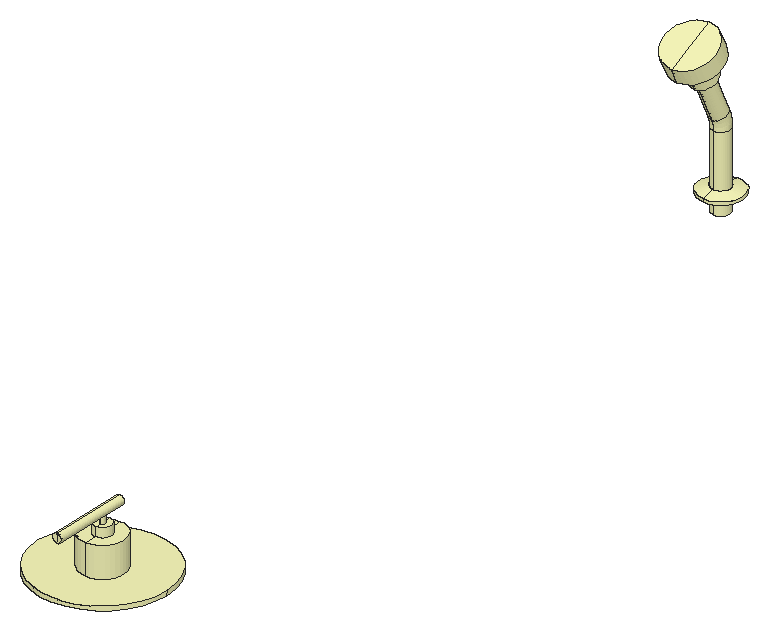
Revit family "Shower_System-Symmons-Dia-Shower-Trim", category Plumbing Fixtures, host Face, Revit 2015
Parameters (values of type "2.5 GPM Flow Restrictor, Rebuild Kit, Satin Nickel")
  z Wide Lever [instance] = if(z Has Wide Lever Handle, 1, 0)  # 0
  z Visibility [instance] = if(z Error, 1 = 0, 1 = 1)  # yes
  z Valve = Shower_System_Valve-Symmons-Dia-Shower-Trim : Rebuild Kit, Satin Nickel
  z Type Model [instance] = if(and(z Has Volume Control, z Has Trim), 5, if(and(z Has Volume Control, or(z Type = 1, z Type = 2)), 6, if(z Has Trim, 2, if(or(z Type = 1, z Type = 2), 3, if(z Has Volume Control, 4, 1)))))  # 3
  z Type Kit = 1
  z Type GPM = 2.5  # constant formula
  z Type Finish = if(or(z Type = 1, z Type = 3), 1, 2)  # 2
  z Type = 2
  z Slip On Tub [instance] = if(z Has Slip On Tub Spout, 1, 0)  # 0
  z Showerhead = Showerhead-Symmons-Dia_Single_Mode : Satin Nickel
  z Reverse Core [instance] = if(z Has Reverse Core, 1, 0)  # 0
  z Pipe Radius [instance] = 0.250"  # constant formula
  z Overall Width [instance] = 7.500"  # constant formula
  z Overall Height [instance] = 57.000"  # constant formula
  z Overall Depth [instance] = 9.325"  # constant formula
  z Offset [instance] = 0.000"  # constant formula
  z Integral Service Stops [instance] = if(z Has Integral Service Stops, 1, 0)  # 0
  z Has Wide Lever Handle [instance] = 1 = 0  # no
  z Has Volume Control [instance] = 1 = 0  # no
  z Has Trim = if(z Type Kit = 2, 1 = 1, 1 = 0)  # no
  z Has Slip On Tub Spout [instance] = 1 = 0  # no
  z Has Showerhead [instance] = 1 = 1  # yes
  z Has Reverse Core [instance] = 1 = 0  # no
  z Has Rebuild Kit Trim Only = if(z Type Kit = 1, 1 = 1, 1 = 0)  # yes
  z Has Integral Service Stops [instance] = z Has Reverse Core  # no
  z Has Check Stops [instance] = 1 = 0  # no
  z Has 2.0 GPM Flow Restrictor [instance] = 1 = 0  # no
  z Has 1.5 GPM Flow Restrictor [instance] = 1 = 0  # no
  z Has .5 Inch Female Connections [instance] = 1 = 0  # no
  z GPM Number = 2.5  # constant formula
  z GPM GPM = 1.000 GPM
  z Flow Rate [instance] = if(z Has 2.0 GPM Flow Restrictor, 2, if(z Has 1.5 GPM Flow Restrictor, 1, 0))  # 0
  z Error Box Width [instance] = if(z Error, z Overall Width + 5.000", 0.100")  # 0.100"
  z Error Box Height [instance] = if(z Error, z Overall Height + 5.000", 0.100") / 2  # 0.050"
  z Error Box Depth [instance] = if(z Error, z Overall Depth + 5.000", 0.100")  # 0.100"
  z Error = if(and(z Has Rebuild Kit Trim Only, z Has Trim), 1 = 1, 1 = 0)  # no
  z .5 Inch Female Connections [instance] = if(z Has .5 Inch Female Connections, 1, 0)  # 0
  z  Showerhead [instance] = if(z Has Showerhead, 1, 0)  # 1
  URL = "http://www.symmons.com/"
  Product data url = "https://bimobject.com/symmonsindustries/product/symmons-3501-cyl-b"
  Product Page URL = "http://www.symmons.com/Bathroom-Products/Dia/Symmons-Dia-Shower-System-3501-CYL-B.aspx"
  Product Material = Nickel - Symmons - Satin
  Product Documentation Link = "http://www.symmons.com/~/media/Files/Symmons/Products/Dia/3501CYLB_Dia_sub.pdf"
  Part Number [instance] = if(z Error, "Error: Rebuild Kit Already Comes With Trim", if(and(z Type = 1, z Has Rebuild Kit Trim Only), "3501-CYL-B-REB-TRM", if(and(z Type = 2, z Has Rebuild Kit Trim Only), "3501-CYL-B-STN-REB-TRM", if(and(z Type = 1, z Has Trim), "3501-CYL-B-TRM", if(and(z Type = 2, z Has Trim), "3501-CYL-B-STN-TRM", if(z Type = 1, "3501-CYL-B", if(z Type = 2, "3501-CYL-B-STN", "\r\n Not Available")))))))  # "3501-CYL-B-STN-REB-TRM"
  Part Description [instance] = if(z Error, "Error: Rebuild Kit Already Comes With Trim", if(and(z Type = 1, z Has Rebuild Kit Trim Only), "Shower Rebuild/Trim, Chrome", if(and(z Type = 2, z Has Rebuild Kit Trim Only), "Shower Rebuild/Trim, Satin Nickel", if(and(z Type = 1, z Has Trim), "Trim only, mixing valve ordered separately, Chrome", if(and(z Type = 2, z Has Trim), "Trim only, mixing valve ordered separately, Satin Nickel", if(z Type = 1, "Shower System with Symmons Temptrol mixing valve, Chrome", if(z Type = 2, "Shower System with Symmons Temptrol mixing valve, Satin Nickel", "Not Available")))))))  # "Shower Rebuild/Trim, Satin Nickel"
  Model Disclaimer = "Contact Symmons Industries, Inc. For More Information"  # constant formula
  Model = if(z Error, "Error: Rebuild Kit Already Comes With Trim", if(and(z Type = 1, z Has Rebuild Kit Trim Only), "3501-CYL-B-REB-TRM", if(and(z Type = 2, z Has Rebuild Kit Trim Only), "3501-CYL-B-STN-REB-TRM", if(and(z Type = 1, z Has Trim), "3501-CYL-B-TRM", if(and(z Type = 2, z Has Trim), "3501-CYL-B-STN-TRM", if(z Type = 1, "3501-CYL-B", if(z Type = 2, "3501-CYL-B-STN", "\r\n Not Available")))))))  # "3501-CYL-B-STN-REB-TRM"
  Manufacturer = "Symmons Industries, Inc."  # constant formula
  Gallons Per Minute = z GPM GPM * z GPM Number  # 2.500 GPM
  Family Version = "1.0"  # constant formula
  Equipment Number [instance] = ""
  Equipment Abbreviation = "SSV"
  Description = if(z Error, "Error: Rebuild Kit Already Comes With Trim", if(and(z Type = 1, z Has Rebuild Kit Trim Only), "Shower Rebuild/Trim, Chrome", if(and(z Type = 2, z Has Rebuild Kit Trim Only), "Shower Rebuild/Trim, Satin Nickel", if(and(z Type = 1, z Has Trim), "Trim only, mixing valve ordered separately, Chrome", if(and(z Type = 2, z Has Trim), "Trim only, mixing valve ordered separately, Satin Nickel", if(z Type = 1, "Shower System with Symmons Temptrol mixing valve, Chrome", if(z Type = 2, "Shower System with Symmons Temptrol mixing valve, Satin Nickel", "Not Available")))))))  # "Shower Rebuild/Trim, Satin Nickel"
  Default Elevation = 32.000"  # constant formula
  Date Modified = "January 30, 2015"  # constant formula
  Date Created = "January 30, 2015"  # constant formula
  Copyright = "©2015 Symmons Industries, Inc."  # constant formula
Types (4): name | z Valve | z Type Model | z Type Kit | z Type Finish | z Type | z Showerhead | z Has Trim | z Has Rebuild Kit Trim Only | Product Material | Part Number | Part Description | Model | Equipment Abbreviation | Description
  2.5 GPM Flow Restrictor, Trim, Chrome | Shower_System_Valve-Symmons-Dia-Shower-Trim : Trim, Chrome | 2 | 2 | 1 | 1 | Showerhead-Symmons-Dia_Single_Mode : Chrome | yes | no | Chrome - Symmons - Polished | "3501-CYL-B-TRM" | "Trim only, mixing valve ordered separately, Chrome" | "3501-CYL-B-TRM" | "TSS" | "Trim only, mixing valve ordered separately, Chrome"
  2.5 GPM Flow Restrictor, Trim, Satin Nickel | Shower_System_Valve-Symmons-Dia-Shower-Trim : Trim, Satin Nickel | 2 | 2 | 2 | 2 | Showerhead-Symmons-Dia_Single_Mode : Satin Nickel | yes | no | Nickel - Symmons - Satin | "3501-CYL-B-STN-TRM" | "Trim only, mixing valve ordered separately, Satin Nickel" | "3501-CYL-B-STN-TRM" | "SSV" | "Trim only, mixing valve ordered separately, Satin Nickel"
  2.5 GPM Flow Restrictor, Rebuild Kit, Chrome | Shower_System_Valve-Symmons-Dia-Shower-Trim : Rebuild Kit, Chrome | 3 | 1 | 1 | 1 | Showerhead-Symmons-Dia_Single_Mode : Chrome | no | yes | Chrome - Symmons - Polished | "3501-CYL-B-REB-TRM" | "Shower Rebuild/Trim, Chrome" | "3501-CYL-B-REB-TRM" | "TSS" | "Shower Rebuild/Trim, Chrome"
  2.5 GPM Flow Restrictor, Rebuild Kit, Satin Nickel | Shower_System_Valve-Symmons-Dia-Shower-Trim : Rebuild Kit, Satin Nickel | 3 | 1 | 2 | 2 | Showerhead-Symmons-Dia_Single_Mode : Satin Nickel | no | yes | Nickel - Symmons - Satin | "3501-CYL-B-STN-REB-TRM" | "Shower Rebuild/Trim, Satin Nickel" | "3501-CYL-B-STN-REB-TRM" | "SSV" | "Shower Rebuild/Trim, Satin Nickel"
Reference planes (in)
  plane 1 "Center (Front/Back)": y = 0
  plane 2 "Center (Elevation)": z = 0
  plane 3 "Center (Left/Right)": x = 0
  plane 4: x = -3.75
  plane 5: y = 28.5
  plane 6: x = 3.75
  plane 7: z = 0
  plane 8: z = 9.325
  plane 9: y = -12
  plane 10: y = 45
  plane 11: z = 0.1
Dimensions and locks (in)
  equal spacing: plane 4, plane 3 "Center (Left/Right)", plane 6
  "z Overall Width": plane 4 to plane 6
  plane 5 to plane 1 "Center (Front/Back)" = 28.500"
  "z Offset": plane 7 to plane 2 "Center (Elevation)"
  "z Overall Depth": plane 8 to plane 7
  locked: plane 1 "Center (Front/Back)" to plane 9 at 12
  locked: plane 10 to plane 1 "Center (Front/Back)" at 45
  "z Error Box Depth": plane 11 to plane 7
  plane 10 to plane 9 = 57.000"
  aligned and locked: plane 2 "Center (Elevation)" to host face
  aligned and locked: level to host face
  aligned and locked: nested 1 to plane 10
  aligned and locked: plane 3 "Center (Left/Right)" to nested 1
  aligned and locked: plane 1 "Center (Front/Back)" to nested 2
  aligned and locked: plane 3 "Center (Left/Right)" to nested 2
Automatic sketch dimensions
  host sketch curve to host sketch curve = 7.500"
  host sketch curve to host sketch curve = 52.700"
Nested families (in)
  nested 1: "Showerhead-Symmons-Dia_Single_Mode" at (0, 45, 0), type <- "z Showerhead", type "Satin Nickel"
    with z Pipe Radius 0.500", z Overall Width 2.500", z Overall Height 2.500", z Overall Depth 7.500", z Offset 1.000", Part Number "352SH-2.0", Part Description "Single Mode Showerhead, 2.0 Flow Rate Restrictor, Chrome", Equipment Number ""
  nested 2: "Shower_System_Valve-Symmons-Dia-Shower-Trim" at (0, 0, 0), type <- "z Valve", type "Rebuild Kit, Satin Nickel"
    with zz Length 9 0.100", zz Length 10 0.100", Part Number "Not Available", Part Description "Not Available", Equipment Number "", zz Integer 12 2
Connectors (in)
  piping at (0, 45, -1), diameter 0.5, driven by "z Pipe Radius", driven by "Gallons Per Minute"
    settings: on nested 1, index 1, connector inside diameter 1/2", connector length 0.000", flow factor 0, pipe flow 2.500 GPM, pressure drop 0.00 psi, fitting loss kfactor 0, connector angle 0.000°, fixture units 0, engagement length 0.000", angle of deflection 0.000°, flow configuration 0, flow direction 1, fitting loss method 0, system type 29, joint type 0, gender type 0, connector reference index -1, connector utility 0, adjustable connector no, is connector primary yes, connector description "Showerhead Water Supply"
Definition of nested family "Showerhead-Symmons-Dia_Single_Mode"
  Parameters
    z Type GPM = 2
    z Type Flow Restrictor = 1
    z Type Finish = 1
    z Pipe Radius [instance] = 0.500"  # constant formula
    z Overall Width [instance] = 2.500"  # constant formula
    z Overall Height [instance] = 2.500"  # constant formula
    z Overall Depth [instance] = 7.500"  # constant formula
    z Offset [instance] = 1.000"  # constant formula
    z GPM Number = if(z Type GPM = 2, 2, if(z Type GPM = 2.5, 2.5, 0))  # 2
    z GPM GPM = 1.000 GPM
    URL = "http://www.symmons.com/"
    Product Page URL = "http://www.symmons.com/Bathroom-Products/Duro/Symmons-Duro-Showerhead-362SH.aspx"
    Product Material = none
    Product Documentation Link = ""
    Part Number [instance] = if(and(z Type Finish = 1, z Type Flow Restrictor = 1), "352SH-2.0", if(and(z Type Finish = 2, z Type Flow Restrictor = 1), "352SH-STN-2.0", if(and(z Type Finish = 3, z Type Flow Restrictor = 0), "352SH", if(and(z Type Finish = 4, z Type Flow Restrictor = 0), "352SH-STN", "Not Available"))))  # "352SH-2.0"
    Part Description [instance] = if(and(z Type Finish = 1, z Type Flow Restrictor = 1), "Single Mode Showerhead, 2.0 Flow Rate Restrictor, Chrome", if(and(z Type Finish = 2, z Type Flow Restrictor = 1), "Single Mode Showerhead, 2.0 Flow Rate Restrictor, Satin Nickel", if(and(z Type Finish = 3, z Type Flow Restrictor = 0), "Single Mode Showerhead, Chrome", if(and(z Type Finish = 4, z Type Flow Restrictor = 0), "Single Mode Showerhead, Satin Nickel", "Not Available"))))  # "Single Mode Showerhead, 2.0 Flow Rate Restrictor, Chrome"
    Model Disclaimer = "Contact Symmons Industries, Inc. For More Information"  # constant formula
    Model = "See Part Number"  # constant formula
    Manufacturer = "Symmons Industries, Inc."  # constant formula
    Gallons Per Minute = z GPM GPM * z GPM Number  # 2.000 GPM
    Family Version = "1.0"  # constant formula
    Equipment Number [instance] = ""
    Equipment Abbreviation = "SH"
    Description = "See Part Description"  # constant formula
    Default Elevation = 77.000"  # constant formula
    Date Modified = "January 30, 2015"  # constant formula
    Date Created = "January 30, 2015"  # constant formula
    Copyright = "©2015 Symmons Industries, Inc."  # constant formula
  Reference planes (in)
    plane 1 "Center (Front/Back)": y = 0
    plane 2 "Center (Elevation)": z = 0
    plane 3 "Center (Left/Right)": x = 0
    plane 4: x = -1.25
    plane 5: y = 1.25
    plane 6: y = -1.25
    plane 7: x = 1.25
    plane 8: z = -1
    plane 9: z = 6.5
    plane 10: z = 0
    plane 11: y = -0.5
    plane 12: z = 0.33234
    plane 13: z = 0.15
    plane 14: y = -0.5695
  Forms (in)
    Extrusion 1, solid
      sketch origin (0, 0, 0) x (1, 0, 0) y (0, 1, 0)
        loop
          line (-0.25, 0.25) -> (-0.25, -0.25) -> (0.25, -0.25) -> (0.25, 0.25) -> (-0.25, 0.25)
      from 0 to -0.07714
    Revolve 2, solid, material <- "Product Material"
      sketch origin (0, 0, 0) x (0, 1, 0) y (0, 0, 1)
        loop
          line (-0.5, -1) -> (0, -1) -> (0, 0.33234) -> (-0.5695, 0.33234) -> (-1.25, 0.15) -> (-1.25, 0) -> (-0.5, 0) -> (-0.5, -1)
        axis (0, -1) -> (0, 0.33234)
      angle from 0 to 360
    Sweep 3, solid, material <- "Product Material"
      path origin (0, 0, 0) x (0, 1, 0) y (0, 0, 1)
        loop
          line (0, 0.33234) -> (0, 3.38992)
          arc (0, 3.38992) -> (-0.04792, 3.8251) -> (-0.18938, 4.23943) r 2
          line (-0.18938, 4.23943) -> (-1.25, 6.5)
      profile origin (0, 0, 1.86113) x (0, -1, 0) y (1, 0, 0)
        loop
          circle (0, 0) r 0.5
    Revolve 4, solid, material <- "Product Material"
      sketch origin (0, 0, 0) x (0, 1, 0) y (0, 0, 1)
        loop
          line (-1.25, 6.5) -> (-2.22949, 8.58767) -> (-3.58746, 7.95053) -> (-3.17663, 7.07491) -> (-2.24755, 6.86042) -> (-1.92898, 6.18143) -> (-1.25, 6.5)
        axis (-1.25, 6.5) -> (-2.22949, 8.58767)
      angle from 0 to 360
  Cuts and joins
    joined: Revolve 2, Sweep 3
  Lines and regions (in)
    Masking region 1
      outline origin (0, 0, 0) x (1, 0, 0) y (0, 0, 1)
        loop
          line (-1.25, 0) -> (-0.5, 0) -> (-0.5, -1) -> (0.5, -1) -> (0.5, 0) -> (1.25, 0) -> (1.25, 0.14959) -> (0.5695, 0.33234) -> (0.5, 0.33234) -> (0.5, 6.26256)
          spline (0.5, 6.26256) -> (0.53792, 6.27801) -> (0.5732, 6.29456) -> (0.60567, 6.31211) -> (0.63516, 6.33059) -> (0.66153, 6.3499) -> (0.68465, 6.36995) -> (0.70441, 6.39063) -> (0.72072, 6.41185) -> (0.73348, 6.43351) -> (0.74264, 6.45549) -> (0.74816, 6.47769) -> (0.75, 6.5)
          line (0.75, 6.5) -> (0.75, 7.07479) -> (1.25, 7.36347) -> (1.49591, 7.60938) -> (1.49591, 8.60938)
          spline (1.49591, 8.60938) -> (1.44494, 8.76866) -> (1.2955, 8.91709) -> (1.05777, 9.04454) -> (0.74795, 9.14235) -> (0.38717, 9.20383) -> (0, 9.2248) -> (-0.38717, 9.20383) -> (-0.74795, 9.14235) -> (-1.05777, 9.04454) -> (-1.2955, 8.91709) -> (-1.44494, 8.76866) -> (-1.49591, 8.60938)
          line (-1.49591, 8.60938) -> (-1.49591, 7.60938) -> (-1.25, 7.36347) -> (-0.75, 7.07479) -> (-0.75, 6.5)
          spline (-0.75, 6.5) -> (-0.74816, 6.47769) -> (-0.74264, 6.45549) -> (-0.73348, 6.43351) -> (-0.72072, 6.41185) -> (-0.70441, 6.39063) -> (-0.68465, 6.36995) -> (-0.66153, 6.3499) -> (-0.63516, 6.33059) -> (-0.60567, 6.31211) -> (-0.5732, 6.29456) -> (-0.53792, 6.27801) -> (-0.5, 6.26256)
          line (-0.5, 6.26256) -> (-0.5, 0.33234) -> (-0.5695, 0.33234) -> (-1.25, 0.14959) -> (-1.25, 0)
    symbolic lines, detail levels fine
      curve 1: line (-0.5, 0, 0.33234) -> (0.5, 0, 0.33234)
      curve 2: line (-1.25, 0, 0.14959) -> (1.25, 0, 0.14959)
      curve 3: spline (-0.5, 0, 6.26256) -> (-0.67885, 0, 6.36457) -> (-0.74948, 0, 6.48818) -> (-0.70063, 0, 6.61367) -> (-0.54008, 0, 6.72104) -> (-0.29343, 0, 6.79317) -> (0, 0, 6.81857) -> (0.29343, 0, 6.79317) -> (0.54008, 0, 6.72104) -> (0.70063, 0, 6.61367) -> (0.74948, 0, 6.48818) -> (0.67885, 0, 6.36457) -> (0.5, 0, 6.26256)
      curve 4: spline (-1.49591, 1.25, 7.60938) -> (-1.44494, 1.25, 7.80085) -> (-1.2955, 1.25, 7.97927) -> (-1.05777, 1.25, 8.13249) -> (-0.74795, 1.25, 8.25006) -> (-0.38717, 1.25, 8.32397) -> (0, 1.25, 8.34917) -> (0.38717, 1.25, 8.32397) -> (0.74795, 1.25, 8.25006) -> (1.05777, 1.25, 8.13249) -> (1.2955, 1.25, 7.97927) -> (1.44494, 1.25, 7.80085) -> (1.49591, 1.25, 7.60938)
      curve 5: spline (-0.5, 1.25, 6.5) -> (-0.48296, 1.25, 6.55497) -> (-0.43301, 1.25, 6.60619) -> (-0.35355, 1.25, 6.65017) -> (-0.25, 1.25, 6.68392) -> (-0.12941, 1.25, 6.70514) -> (0, 1.25, 6.71238) -> (0.12941, 1.25, 6.70514) -> (0.25, 1.25, 6.68392) -> (0.35355, 1.25, 6.65017) -> (0.43301, 1.25, 6.60619) -> (0.48296, 1.25, 6.55497) -> (0.5, 1.25, 6.5)
      curve 6: line (-0.5, 1.25, 6.5) -> (-0.5, 1.25, 6.26256)
      curve 7: line (0.5, 1.25, 6.5) -> (0.5, 1.25, 6.26256)
  Dimensions and locks (in)
    equal spacing: plane 4, plane 3 "Center (Left/Right)", plane 7
    "z Overall Width": plane 4 to plane 7
    equal spacing: plane 5, plane 1 "Center (Front/Back)", plane 6
    "z Overall Height": plane 5 to plane 6
    "z Overall Depth": plane 9 to plane 8
    plane 12 to plane 13 to plane 10 to plane 8 = 0.18234" locked, 0.150" locked, 1.000" locked
    plane 6 to plane 14 to plane 11 = 0.6805" locked, 0.0695" locked
    plane 9 to Revolve 4 sketch curve to Revolve 4 sketch curve to Revolve 4 sketch curve to Revolve 4 sketch curve = 0.53094" locked, 0.750" locked, 0.58882" locked, 0.96721" locked
    "z Offset": plane 2 "Center (Elevation)" to plane 8
    Masking region 1 sketch curve to Masking region 1 sketch curve to Masking region 1 sketch curve to Masking region 1 sketch curve to Masking region 1 sketch curve to plane 3 "Center (Left/Right)" to Masking region 1 sketch curve to Masking region 1 sketch curve to Masking region 1 sketch curve to Masking region 1 sketch curve to Masking region 1 sketch curve = 0.74591" locked, 0.1805" locked, 0.0695" locked, 0.000" locked, 0.500" locked, 0.500" locked, 0.000" locked, 0.0695" locked, 0.1805" locked, 0.74591" locked
    Masking region 1 sketch curve to Masking region 1 sketch curve to plane 2 "Center (Elevation)" = 0.000" locked, 0.33234" locked
    plane 9 to Revolve 4 sketch curve to Revolve 4 sketch curve = 1.13164" locked, 0.750" locked
    locked: Revolve 4 sketch curve to Revolve 4 sketch curve at 1.5
    locked: curve 2 to plane 8 at 1.14959
    equal spacing: curve 1, plane 3 "Center (Left/Right)", curve 1
    locked: curve 1 to curve 1 at 1
    locked: curve 1 to plane 8 at 1.33234
    equal spacing: curve 3, plane 3 "Center (Left/Right)", curve 3
    locked: curve 3 to curve 3 at 1
    locked: curve 4 to plane 9 at 1.10938
    equal spacing: curve 4, plane 3 "Center (Left/Right)", curve 4
    locked: curve 4 to curve 4 at 2.99182
    curve 4 to curve 4 to plane 9 = 0.000" locked, 1.10938" locked
    Masking region 1 sketch curve to plane 9 to Masking region 1 sketch curve to Masking region 1 sketch curve to Masking region 1 sketch curve = 0.000" locked, 0.000" locked, 0.23744" locked, 0.000" locked
    plane 9 to curve 6 to curve 7 = 0.23744" locked, 0.000" locked
    aligned and locked: plane 2 "Center (Elevation)" to Extrusion 1
    aligned and locked: level to Extrusion 1
    aligned and locked: Revolve 2 sketch curve to plane 1 "Center (Front/Back)"  (x2)
    aligned and locked: plane 10 to Revolve 2 sketch curve
    aligned and locked: plane 6 to Revolve 2 sketch curve  (x2)
    aligned and locked: Revolve 2 sketch curve to plane 12
    aligned and locked: Revolve 2 sketch curve to plane 8
    aligned and locked: Revolve 2 sketch curve to plane 11
    aligned and locked: plane 13 to Revolve 2 sketch curve
    aligned and locked: Revolve 2 sketch curve to plane 14
    aligned and locked: plane 1 "Center (Front/Back)" to Sweep 3 sketch curve
    aligned and locked: plane 3 "Center (Left/Right)" to Sweep 3 sketch curve
    aligned and locked: Masking region 1 sketch curve to plane 8
    aligned and locked: Masking region 1 sketch curve to plane 2 "Center (Elevation)"  (x2)
    aligned and locked: plane 7 to curve 2
    aligned and locked: plane 4 to curve 2
    aligned and locked: plane 9 to Masking region 1 sketch curve  (x2)
    aligned and locked: plane 3 "Center (Left/Right)" to Masking region 1 sketch curve  (x2)
    aligned and locked: plane 9 to curve 5  (x2)
    aligned and locked: plane 3 "Center (Left/Right)" to curve 5
    aligned and locked: plane 9 to curve 6
  Automatic sketch dimensions
    Extrusion 1 sketch curve to Extrusion 1 sketch curve = 0.500"  (x2)
    Revolve 2 sketch curve to level = 24.000"
    plane 9 to Revolve 2 sketch curve = 79.77586"
    Sweep 3 sketch curve to plane 6 = 0.000"
    Sweep 3 sketch curve to plane 1 "Center (Front/Back)" = 0.000"
    Sweep 3 sketch curve to plane 9 = 0.000"
    Sweep 3 sketch curve to plane 6 = 0.750"
    plane 1 "Center (Front/Back)" to Sweep 3 sketch curve = 0.18938"
    Sweep 3 sketch curve to plane 9 = 2.26057"
    plane 8 to Sweep 3 sketch curve = 1.33234"
    Revolve 4 sketch curve to plane 6 = 0.000"
    Revolve 4 sketch curve to plane 9 = 0.000"  (x2)
    Revolve 4 sketch curve to plane 6 = 1.80521"
    Revolve 4 sketch curve to Revolve 4 sketch curve = 1.7599"
    Masking region 1 sketch curve to plane 4 = 0.000"  (x2)
    Masking region 1 sketch curve to plane 7 = 0.000"  (x2)
    Masking region 1 sketch curve to Masking region 1 sketch curve = 0.14959"  (x2)
    Masking region 1 sketch curve to Masking region 1 sketch curve = 0.57479"  (x2)
    Masking region 1 sketch curve to Masking region 1 sketch curve = 0.28868"  (x2)
    Masking region 1 sketch curve to Masking region 1 sketch curve = 0.24591"  (x2)
    Masking region 1 sketch curve to Masking region 1 sketch curve = 1.000"
    curve 3 to plane 9 = 0.000"
    curve 3 to plane 3 "Center (Left/Right)" = 0.000"
    curve 3 to curve 3 = 0.250"
    curve 5 to curve 5 = 0.500"
    curve 3 to plane 9 = 0.23744"
    radius of Sweep 3 sketch curve = 0.500"
  Connectors (in)
    piping at (0, 0, -1), diameter 1, driven by "z Pipe Radius", driven by "Gallons Per Minute"
      settings: on Revolve 2, index 1, connector inside diameter 1", connector length 0.000", flow factor 0, pipe flow 2.000 GPM, pressure drop 0.00 psi, fitting loss kfactor 0, connector angle 0.000°, fixture units 0, engagement length 0.000", angle of deflection 0.000°, flow configuration 0, flow direction 1, fitting loss method 0, system type 22, joint type 0, gender type 0, connector reference index -1, connector utility 0, adjustable connector no, is connector primary yes, connector description "Shower Head Water Supply"
Definition of nested family "Shower_System_Valve-Symmons-Dia-Shower-Trim"
  Parameters
    zz Text 2 = "None Selected"
    zz Text 1 = "Rebuild Kit Trim Only"
    zz Length 9 [instance] = 0.100"
    zz Length 10 [instance] = 0.100"
    zz Integer 12 = 1
    URL = "http://www.symmons.com/"
    Product Page URL = "http://www.symmons.com/Bathroom-Products/Dia/Symmons-Dia-Shower-Valve-3500-CYL-B.aspx"
    Product Material = none
    Product Documentation Link = "http://www.symmons.com/~/media/Files/Symmons/Products/Dia/3500CYL_Dia_sub.pdf"
    Part Number [instance] = "3500-CYL-B-REB-TRM"
    Part Description [instance] = "Rebuild kit, Trim only, Chrome"
    Model Disclaimer = "Contact Symmons Industries, Inc. For More Information"  # constant formula
    Model = "See Part Number"  # constant formula
    Manufacturer = "Symmons Industries, Inc."  # constant formula
    Family Version = "1.0"  # constant formula
    Equipment Number [instance] = ""
    Equipment Abbreviation = "SVS"
    Description = "See Part Description"  # constant formula
    Default Elevation = 32.000"  # constant formula
    Date Modified = "January 30, 2015"  # constant formula
    Date Created = "January 30, 2015"  # constant formula
    Copyright = "©2015 Symmons Industries, Inc."  # constant formula
  Reference planes (in)
    plane 1 "Center (Front/Back)": y = 0
    plane 2 "Center (Elevation)": z = 0
    plane 3 "Center (Left/Right)": x = 0
    plane 4: x = -3.75
    plane 5: y = 3.75
    plane 6: y = -3.75
    plane 7: x = 3.75
    plane 8: z = -3.5
    plane 9: z = 3.375
    plane 10: z = 0
    plane 11: z = 0.25
    plane 12: x = 0.28006
    plane 13: x = -0.28006
    plane 14: z = -2.375
    plane 15: y = -5.75
    plane 16: x = -0.05
    plane 17: y = 0.05
    plane 18: x = 0.05
    plane 19: y = -0.05
    plane 20: z = 0.1
    plane 21: z = 2.875
    plane 22: z = 2.5
    plane 23: z = 2
    plane 24: z = -1.30783
    plane 25: z = -0.80783
    plane 26: z = -0.56163
    plane 27: z = -0.25
    plane 28: z = 3.125
  Forms (in)
    Extrusion 1, solid
      sketch origin (0, 0, 0) x (1, 0, 0) y (0, 1, 0)
        loop
          line (-2, 2) -> (-2, -2) -> (2, -2) -> (2, 2) -> (-2, 2)
      from 0 to -0.25
    Extrusion 2, solid, material <- "Product Material"
      sketch origin (0, 0, 0) x (1, 0, 0) y (0, 1, 0)
        loop
          circle (0, 0) r 3.75
      from 0 to 0.25
    Extrusion 3, solid, material <- "Product Material", not visible
      sketch origin (-0.88388, -0.54836, 0) x (-0.707107, 0.707107, 0) y (0, 0, 1)
        loop
          line (-1.25, 0.25) -> (-1.25, 0.75) -> (-3.08292, 0.75) -> (-3.08292, 0.64028) -> (-1.64776, 0.64028) -> (-1.64776, 0.25) -> (-1.25, 0.25)
      from -0.28006 to 0.28006
    Revolve 4, solid, material <- "Product Material"
      sketch origin (0, 0, 0) x (0, 1, 0) y (0, 0, 1)
        loop
          line (-1.25, 0.25) -> (0, 0.25) -> (0, 2.5) -> (-0.5, 2.5) -> (-0.5, 2) -> (-1.25, 2) -> (-1.25, 0.25)
        axis (0, 2.5) -> (0, 0.25)
      angle from 0 to 360
    Extrusion 5, solid, not visible
      sketch origin (0, 0, 0) x (1, 0, 0) y (0, 1, 0)
        loop
          line (-0.05, 0.05) -> (-0.05, -0.05) -> (0.05, -0.05) -> (0.05, 0.05) -> (-0.05, 0.05)
      from 0 to 0.1
    Revolve 6, solid, material <- "Product Material"
      sketch origin (0, 0, 0) x (0, 1, 0) y (0, 0, 1)
        loop
          line (0, 2.5) -> (0, 3.09917) -> (-0.15, 3.09917) -> (-0.15, 2.5) -> (0, 2.5)
        axis (0, 2.5) -> (0, 3.09917)
      angle from 0 to 360
    Revolve 7, solid, material <- "Product Material"
      sketch origin (0, 0, 0) x (0, 1, 0) y (0, 0, 1)
        loop
          line (1.25, 3.125) -> (1.25, 3.375) -> (-3.30959, 3.375) -> (-3.30959, 3.125) -> (1.25, 3.125)
        axis (-3.30959, 3.125) -> (1.25, 3.125)
      angle from 0 to 360
  Cuts and joins
    joined: Extrusion 2, Revolve 4, Revolve 6, Revolve 7
  Lines and regions (in)
    Masking region 1
      outline origin (0, 0, 0) x (1, 0, 0) y (0, 0, 1)
        loop
          line (0, 3.375) -> (-0.28006, 3.375) -> (-0.28006, 2.5) -> (-0.5, 2.5) -> (-0.5, 2) -> (-1.25, 2) -> (-1.25, 0.25) -> (-3.75, 0.25) -> (-3.75, 0) -> (3.75, 0) -> (3.75, 0.25) -> (1.25, 0.25) -> (1.25, 2) -> (0.5, 2) -> (0.5, 2.5) -> (0.28006, 2.5) -> (0.28006, 3.375) -> (0, 3.375)
    symbolic lines, detail levels fine
      curve 1: line (-0.28006, 0, 2.875) -> (0.28006, 0, 2.875)
      curve 2: line (-0.28006, 0, 2.5) -> (0.28089, 0, 2.5)
      curve 3: line (-0.5, 0, 2) -> (0.5, 0, 2)
      curve 4: line (-1.25, 0, 0.25) -> (1.25, 0, 0.25)
  Dimensions and locks (in)
    equal spacing: plane 4, plane 3 "Center (Left/Right)", plane 7
    locked: plane 4 to plane 7 at 7.5
    equal spacing: plane 5, plane 1 "Center (Front/Back)", plane 6
    locked: plane 5 to plane 6 at 7.5
    locked: plane 9 to plane 8 at 6.875
    locked: plane 2 "Center (Elevation)" to plane 8 at 3.5
    locked: plane 9 to plane 10 at 3.375
    locked: plane 11 to plane 10 at 0.25
    equal spacing: plane 13, plane 3 "Center (Left/Right)", plane 12
    locked: plane 13 to plane 12 at 0.56011
    plane 6 to Extrusion 3 sketch curve to Extrusion 3 sketch curve to Extrusion 3 sketch curve = 1.02168" locked, 1.01482" locked, 0.28126" locked
    Extrusion 3 sketch curve to Extrusion 3 sketch curve to plane 11 = 0.10972" locked, 0.39028" locked
    locked: Extrusion 3 to Extrusion 3 at 0.56011
    locked: plane 3 "Center (Left/Right)" to Extrusion 3 at 0.19803
    locked: plane 10 to plane 14 at 2.375
    Revolve 4 sketch curve to Revolve 4 sketch curve to plane 1 "Center (Front/Back)" = 0.750" locked, 0.500" locked
    plane 11 to Revolve 4 sketch curve to Revolve 4 sketch curve = 1.750" locked, 0.500" locked
    locked: plane 6 to plane 15 at 2
    equal spacing: plane 17, plane 1 "Center (Front/Back)", plane 19
    locked: plane 17 to plane 19 at 0.1
    equal spacing: plane 16, plane 3 "Center (Left/Right)", plane 18
    "zz Length 9": plane 16 to plane 18
    "zz Length 10": plane 20 to plane 10
    Masking region 1 sketch curve to Masking region 1 sketch curve to Masking region 1 sketch curve to Masking region 1 sketch curve to plane 3 "Center (Left/Right)" to plane 12 to Masking region 1 sketch curve to Masking region 1 sketch curve to Masking region 1 sketch curve = 2.500" locked, 0.750" locked, 0.21994" locked, 0.28006" locked, 0.28006" locked, 0.21994" locked, 0.750" locked, 2.500" locked
    Masking region 1 sketch curve to Masking region 1 sketch curve to Masking region 1 sketch curve to Masking region 1 sketch curve to plane 11 = 0.000" locked, 0.500" locked, 0.000" locked, 1.750" locked
    plane 9 to plane 21 to plane 22 to plane 23 = 0.500" locked, 0.375" locked, 0.500" locked
    plane 27 to plane 26 to plane 25 to plane 24 to plane 14 = 0.31163" locked, 0.2462" locked, 0.500" locked, 1.06717" locked
    locked: Revolve 6 sketch curve to plane 1 "Center (Front/Back)" at 0.15
    equal spacing: plane 9, plane 28, plane 21
    Revolve 7 sketch curve to plane 1 "Center (Front/Back)" to Revolve 7 sketch curve = 3.30959" locked, 1.250" locked
    locked: Revolve 6 sketch curve to plane 22 at 0.59917
    aligned and locked: plane 2 "Center (Elevation)" to Extrusion 1
    aligned and locked: level to Extrusion 1
    aligned and locked: Extrusion 2 to plane 10
    aligned and locked: plane 11 to Extrusion 2
    aligned and locked: Extrusion 3 sketch curve to plane 11
    aligned and locked: plane 1 "Center (Front/Back)" to Revolve 4 sketch curve  (x2)
    aligned and locked: plane 11 to Revolve 4 sketch curve
    aligned and locked: Extrusion 5 sketch curve to plane 17
    aligned and locked: plane 16 to Extrusion 5 sketch curve
    aligned and locked: plane 19 to Extrusion 5 sketch curve
    aligned and locked: Extrusion 5 sketch curve to plane 18
    aligned and locked: Extrusion 5 to plane 10
    aligned and locked: plane 20 to Extrusion 5
    aligned and locked: Masking region 1 sketch curve to plane 10
    aligned and locked: Masking region 1 sketch curve to plane 11
    aligned and locked: Masking region 1 sketch curve to plane 9
    aligned and locked: plane 1 "Center (Front/Back)" to Extrusion 2 sketch curve
    aligned and locked: plane 3 "Center (Left/Right)" to Extrusion 2 sketch curve
    aligned and locked: Revolve 6 sketch curve to plane 22
    aligned and locked: Revolve 6 sketch curve to plane 1 "Center (Front/Back)"
    aligned and locked: plane 9 to Revolve 7 sketch curve
    aligned and locked: Revolve 7 sketch curve to plane 28
  Automatic sketch dimensions
    Extrusion 1 sketch curve to Extrusion 1 sketch curve = 4.000"  (x2)
    plane 11 to Extrusion 3 sketch curve = 0.000"
    plane 11 to Extrusion 3 sketch curve = 0.39028"
    Extrusion 3 sketch curve to Extrusion 3 sketch curve = 1.43517"
    Extrusion 3 sketch curve to Extrusion 3 sketch curve = 0.39776"
    Extrusion 3 sketch curve to Extrusion 3 sketch curve = 0.10972"
    Revolve 4 sketch curve to plane 8 = 5.875"
    plane 9 to Revolve 4 sketch curve = 6.750"
    Masking region 1 sketch curve to plane 3 "Center (Left/Right)" = 0.000"
    Masking region 1 sketch curve to plane 12 = 0.000"
    curve 4 to plane 11 = 0.000"
    curve 3 to plane 23 = 0.000"
    curve 2 to plane 13 = 0.000"
    curve 1 to plane 13 = 0.000"
    curve 1 to plane 12 = 0.000"
    curve 2 to plane 22 = 0.000"
    curve 1 to plane 21 = 0.000"
    curve 3 to plane 13 = 0.21994"
    plane 12 to curve 2 = 0.00084"
    plane 12 to curve 3 = 0.21994"
    Masking region 1 sketch curve to plane 11 = 0.000"
    Revolve 7 sketch curve to plane 28 = 0.000"
    Revolve 7 sketch curve to plane 6 = 0.59006"
    plane 5 to Revolve 7 sketch curve = 0.45239"
    Revolve 6 sketch curve to plane 1 "Center (Front/Back)" = 0.000"
    Revolve 6 sketch curve to plane 8 = 20.500"
    plane 9 to Revolve 6 sketch curve = 88.90086"
    curve 4 to plane 13 = 0.96994"
    plane 12 to curve 4 = 0.96994"
    radius of Extrusion 2 sketch curve = 3.750"
